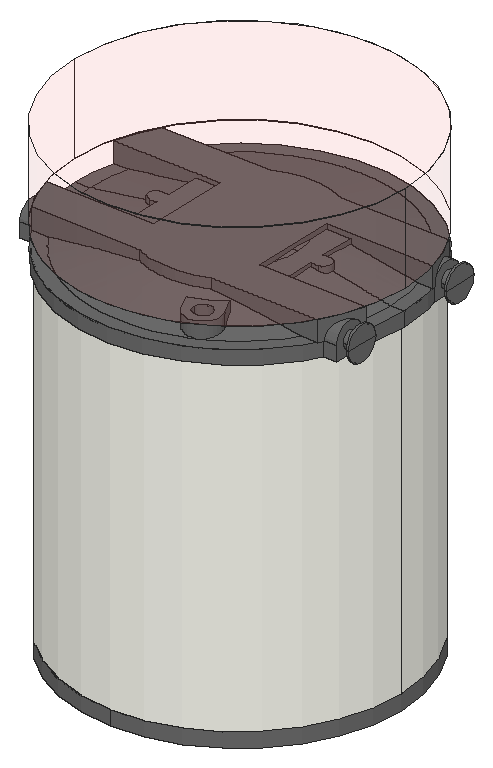
Revit family
Parameters (values of type "1190C2F")
  Watermarked By = "http://revitwatermark.com"
  Water_Ice Tank Volume = "1655 Gallons"
  Warning = "Ice tanks are a component in an ice storage system including chillers, pumps, and controls. Contact CALMAC for IceBank® selection support to make sure all system components will work together properly."
  URL = "http://www.calmac.com/"
  Total Cooling Capacity [instance] = 0.0 ton
  Tank Net Usable Capacity = "162 Ton-Hrs"
  Product Page URL = "http://www.calmac.com/products/icebank.asp"
  Is Tank 1 Front Right Connector Visible = not(CTRL Off)  # yes
  Is Tank 1 Front Left Connector Visible = not(CTRL On)  # no
  Is Tank 1 Back Right Connector Visible = not(CTRL Off)  # yes
  Is Tank 1 Back Left Connector Visible = not(CTRL On)  # no
  Surface Finish = Plastic- Calmac- Black
  Supply Coolant Temperature [instance] = -459.67 °F
  Storage Inlet Temperature [instance] = 60 °F
  Shipping Weight = 2000.00 lbf
  Return Coolant Temperature [instance] = -459.67 °F
  Requires Plate Heat Exchanger [instance] = no
  Project/Customer = ""
  Product Documentation Link = "http://www.calmac.com/products/documents/CS-54Model1190C2FAug2007.pdf"
  Pressure Drop [instance] = 0.00 psi
  Precool Hours [instance] = 0
  Pipe Material = Plastic- Calmac- Black
  Operating Weight = 16900.00 lbf
  Occupied Hours [instance] = 0
  Model = "1190C"
  Maximum Operating Temperature = "38°C"
  Maximum Operating Pressure = "620 kPa"
  Manufacturer e-mail = "info@Calmac.com"
  Manufacturer Contact Details = "CALMAC Manufacturing Corporation Headquarters, 3-00 Banta Place, Fair Lawn, NJ  07410, Tel: (201) 797-1511, Fax: (201) 797-1522"
  Manufacturer = "CALMAC Manufacturing Corp."  # constant formula
  Main Use [instance] = ""
  Location [instance] = ""
  Lid Type = Cooling_Plant_Accessories-Calmac-IceBank-Lid_C : Lid-C
  Lid Diameter = 89"  # constant formula
  Leg 4 = 45"  # constant formula
  Leg 1 = 46"  # constant formula
  Latent Cooling Capacity [instance] = 0.0 ton
  Inlet Outlet Center Height = 96 1/2"  # constant formula
  Heat Exchanger Volume = "157 Gallons"
  Has Rigging Bar [instance] = no
  Has Plate and Frame Heat Exchanger [instance] = no
  Has Ice Inventory Meter [instance] = no
  Has Heat Transfer Fluid [instance] = no
  Has Glycol Management System [instance] = no
  Floor Loading Weight = "363 lb/sq.ft."
  Factory Tested Pressure = "1724 kPa"
  Diversity Factor [instance] = 0
  Discharge Rate [instance] = 0
  Discharge Hours [instance] = 0
  Description = "Off-Peak Cooling System"
  Is Clearance Box Visible [instance] = yes
  Clearance Box Height = 24"  # constant formula
  City/State [instance] = ""
  CTRL On = yes
  CTRL Off = not(CTRL On)  # no
  CTRL Hydronic Supply Description = "Hydronic Supply"  # constant formula
  CTRL Hydronic Return Description = "Hydronic Return"  # constant formula
  CTRL Base Radius = 43 31/64"
  Body Material = Plastic- Calmac- Off_White
  Has Solid Base [instance] = yes
  Base Height = Inlet Outlet Center Height - 3 3/4"  # 92 3/4"
  Base Finish = Plastic- Calmac- Black
  Assembly Code = "D3030300"
  Actual Chilled Water Flow [instance] = 0 GPM
Reference planes (in)
  plane 1 "Center (Front/Back)": y = 0
  plane 2 "Bottom": z = 0
  plane 3 "Center (Left/Right)": x = 0
  plane 4 "T.O. Base": z = 92.75
  plane 5 "Inlet/Outlet Center (Elevation)": z = 96.5
  plane 6 "Right Connector Face": x = 46
  plane 7 "Left Connector Face": x = -45
  plane 8 "T.O. Lid": z = 102
  plane 9 "Top": z = 126
  plane 10 "Front Connector Center (F/B)": y = -16.5
  plane 11 "Back Connector Center (F/B)": y = 16.5
  plane 12 "Back": y = 44.5
  plane 13 "Front": y = -44.5
Dimensions and locks (in)
  locked: plane 5 "Inlet/Outlet Center (Elevation)" to plane 4 "T.O. Base" at 3.75
  "Inlet Outlet Center Height": plane 5 "Inlet/Outlet Center (Elevation)" to plane 2 "Bottom"
  "Leg 1": plane 3 "Center (Left/Right)" to plane 6 "Right Connector Face"
  "Leg 4": plane 7 "Left Connector Face" to plane 3 "Center (Left/Right)"
  locked: plane 8 "T.O. Lid" to plane 5 "Inlet/Outlet Center (Elevation)" at 5.5
  locked: plane 1 "Center (Front/Back)" to plane 11 "Back Connector Center (F/B)" at 16.5
  locked: plane 10 "Front Connector Center (F/B)" to plane 1 "Center (Front/Back)" at 16.5
  locked: plane 1 "Center (Front/Back)" to plane 12 "Back" at 44.5
  locked: plane 13 "Front" to plane 1 "Center (Front/Back)" at 44.5
  "Clearance Box Height": plane 9 "Top" to plane 8 "T.O. Lid"
  plane 7 "Left Connector Face" to plane 6 "Right Connector Face" = 91"
  plane 13 "Front" to plane 12 "Back" = 89"
  aligned and locked: plane 1 "Center (Front/Back)" to nested 1
  aligned and locked: plane 3 "Center (Left/Right)" to nested 1
  aligned and locked: plane 3 "Center (Left/Right)" to nested 2
  aligned and locked: plane 1 "Center (Front/Back)" to nested 2
  aligned and locked: plane 4 "T.O. Base" to nested 2
  aligned and locked: plane 2 "Bottom" to nested 1
Nested families (in)
  nested 1: "Cooling_Plant_Accessories-Calmac-IceBank-Base" at (0, 0, 0), type "Base"
    with Is Symbolic Line Visible no, Has Solid Base yes, CTRL Inner Wall Radius 42 39/64", CTRL Base Radius 43 31/64", Base Height 92 3/4"
  nested 2: "Cooling_Plant_Accessories-Calmac-IceBank-Lid_C" at (0, 0, 92.75), type <- "Lid Type", Is Front Right  Flanged Connector Visibility <- "Is Tank 1 Front Right Connector Visible", Is Front Left  Flanged Connector Visibility <- "Is Tank 1 Front Left Connector Visible", Is Clearance Box Visible <- "Is Clearance Box Visible", Is Back Right Flanged Connector Visibility <- "Is Tank 1 Back Right Connector Visible", Is Back Left  Flanged Connector Visibility <- "Is Tank 1 Back Left Connector Visible", Diameter <- "Lid Diameter", Clearance Box Height <- "Clearance Box Height", type "Lid-C"
    with Is Front Right  Flanged Connector Visibility yes, Is Front Left  Flanged Connector Visibility no, Is Clearance Box Visible yes, Is Back Right Flanged Connector Visibility yes, Is Back Left  Flanged Connector Visibility no, Diameter 89", Clearance Box Height 24", CTRL Radius 44 1/2"
Connectors (in)
  piping at (46.0007, -16.5, 96.5), driven by "CTRL Hydronic Return Description", driven by "Actual Chilled Water Flow"
    settings: on nested 2, index 2, connector radius 2", flow factor 0, pipe flow 0 GPM, pressure drop 0.00 psi, fitting loss kfactor 0, connector angle 0.00°, fixture units 0, flow configuration 0, flow direction 1, fitting loss method 0, system type 8, connector reference index -1, connector utility 0, adjustable connector no, is connector primary yes, fitting loss table "", connector description "Hydronic Return"
  piping at (46.0007, 16.5, 96.5), driven by "CTRL Hydronic Supply Description", driven by "Actual Chilled Water Flow"
    settings: on nested 2, index 3, connector radius 2", flow factor 0, pipe flow 0 GPM, pressure drop 0.00 psi, fitting loss kfactor 0, connector angle 0.00°, fixture units 0, flow configuration 0, flow direction 2, fitting loss method 0, system type 7, connector reference index -1, connector utility 0, adjustable connector no, is connector primary no, fitting loss table "", connector description "Hydronic Supply"
Definition of nested family "Cooling_Plant_Accessories-Calmac-IceBank-Base"
  Parameters (values of type "Base")
    Wall Thickness = 7/8"
    URL = "http://www.calmac.com/"
    Type Comments = ""
    Is Symbolic Line Visible = not(Has Solid Base)  # yes
    Has Solid Base = no
    Model = ""
    Manufacturer = "CALMAC Manufacturing Corp."  # constant formula
    CTRL Inner Wall Radius = CTRL Base Radius - Wall Thickness  # 36"
    CTRL Base Radius = 36 7/8"
    Body Material = Plastic- Calmac- Off_White
    Base Height = 43 5/16"
    Base Finish = Plastic- Calmac- Black
    Assembly Code = "D3030"
  Reference planes (in)
    plane 1 "Center (Front/Back)": y = 0
    plane 2 "Bottom": z = 0
    plane 3 "Center (Left/Right)": x = 0
    plane 4 "Back": y = 36.875
    plane 5 "Front": y = -36.875
    plane 6 "Right": x = 36.875
    plane 7 "Left": x = -36.875
    plane 8 "T.O. Base Plate": z = 4
    plane 9 "Right Edge of Right Void": x = 24.125
    plane 10 "Left Edge of Right Void": x = 13.125
    plane 11 "Left Edge of Left Void": x = -24.125
    plane 12 "Right Edge of Left Void": x = -13.125
    plane 13 "T.O. Base Void": z = 2
    plane 14 "T.O. Base": z = 43.3125
  Forms (in)
    Extrusion 1, solid, material "Plastic- Calmac- Black" <- "Base Finish", visible <- "Is Symbolic Line Visible", detail levels fine
      sketch origin (0, 0, 0) x (1, 0, 0) y (0, 1, 0)
        loop
          circle (0, 0) r 36.875
      from 0 to 4
    Extrusion 2, void
      sketch origin (0, 0, 0) x (1, 0, 0) y (0, 1, 0)
        loop
          line (-24.125, 36.875) -> (-24.125, -36.875) -> (-13.125, -36.875) -> (-13.125, 36.875) -> (-24.125, 36.875)
        loop
          line (13.125, 36.875) -> (13.125, -36.875) -> (24.125, -36.875) -> (24.125, 36.875) -> (13.125, 36.875)
      from 0 to 2
    Extrusion 3, solid, material "Plastic- Calmac- Off_White" <- "Body Material", detail levels fine
      sketch origin (0, 0, 0) x (1, 0, 0) y (0, 1, 0)
        loop
          circle (0, 0) r 36.875
        loop
          circle (0, 0) r 36
      from 4 to 43.3125
    Extrusion 4, solid, material "Plastic- Calmac- Black" <- "Base Finish", visible <- "Has Solid Base", detail levels fine
      sketch origin (0, 0, 43.3125) x (0, -1, 0) y (1, 0, 0)
        loop
          circle (0, 0) r 36.875
      from -43.3125 to -39.3125
  Cuts and joins
    Extrusion 2 cuts Extrusion 3
    Extrusion 2 cuts Extrusion 1
  Lines and regions (in)
    Masking region 1
      outline origin (0, 0, 0) x (1, 0, 0) y (0, 1, 0)
        loop
          circle (0, 0) r 36.875
    Masking region 2
      outline origin (0, 0, 0) x (1, 0, 0) y (0, 0, 1)
        loop
          line (-36.875, 0) -> (36.875, 0) -> (36.875, 43.3125) -> (-36.875, 43.3125) -> (-36.875, 0)
    Masking region 3
      outline origin (0, 0, 0) x (0, 1, 0) y (0, 0, 1)
        loop
          line (-36.875, 0) -> (36.875, 0) -> (36.875, 43.3125) -> (-36.875, 43.3125) -> (-36.875, 0)
    symbolic lines, style "Base", detail levels medium+fine
      curve 1: line (-36.875, 0, 4) -> (36.875, 0, 4)
      curve 8: line (0, -36.875, 4) -> (0, 36.875, 4)
    symbolic lines, style "Base", visible <- "Is Symbolic Line Visible", detail levels medium+fine
      curve 2: line (-24.125, 0, 0) -> (-24.125, 0, 2)
      curve 3: line (-24.125, 0, 2) -> (-13.125, 0, 2)
      curve 4: line (13.125, 0, 2) -> (24.125, 0, 2)
      curve 5: line (13.125, 0, 0) -> (13.125, 0, 2)
      curve 6: line (24.125, 0, 0) -> (24.125, 0, 2)
      curve 7: line (-13.125, 0, 0) -> (-13.125, 0, 2)
    model lines, style "Base", detail levels medium
      curve 9: circle (0, 0, 43.3125) r 36.875 normal (0, 0, 1)
      curve 10: circle (0, 0, 4) r 36.875 normal (0, 0, 1)
      curve 11: circle (0, 0, 0) r 36.875 normal (0, 0, 1)
      curve 12: line (36.875, 0, 0) -> (36.875, 0, 43.3125)
      curve 13: line (-36.875, 0, 0) -> (-36.875, 0, 43.3125)
      curve 14: line (0, -36.875, 0) -> (0, -36.875, 43.3125)
      curve 15: line (0, 36.875, 0) -> (0, 36.875, 43.3125)
    model lines, style "Base", detail levels coarse
      curve 16: line (0, 0, 0) -> (0, 0, 43.3125)
  Dimensions and locks (in)
    locked: plane 7 "Left" to plane 11 "Left Edge of Left Void" at 12.75
    locked: plane 7 "Left" to plane 12 "Right Edge of Left Void" at 23.75
    locked: plane 9 "Right Edge of Right Void" to plane 6 "Right" at 12.75
    locked: plane 10 "Left Edge of Right Void" to plane 6 "Right" at 23.75
    "CTRL Base Radius": plane 7 "Left" to plane 3 "Center (Left/Right)"
    "CTRL Base Radius": plane 3 "Center (Left/Right)" to plane 6 "Right"
    "CTRL Base Radius": plane 1 "Center (Front/Back)" to plane 4 "Back"
    "CTRL Base Radius": plane 5 "Front" to plane 1 "Center (Front/Back)"
    locked: plane 8 "T.O. Base Plate" to plane 2 "Bottom" at 4
    "Base Height": plane 14 "T.O. Base" to plane 2 "Bottom"
    locked: plane 13 "T.O. Base Void" to plane 2 "Bottom" at 2
    "CTRL Base Radius": radius of Extrusion 1 sketch curve
    "CTRL Base Radius": radius of Extrusion 3 sketch curve
    "CTRL Inner Wall Radius": radius of Extrusion 3 sketch curve
    "CTRL Base Radius": radius of Masking region 1 sketch curve
    "CTRL Base Radius": radius of curve 9
    "CTRL Base Radius": radius of curve 10
    "CTRL Base Radius": radius of curve 11
    "CTRL Base Radius": radius of Extrusion 4 sketch curve
    aligned and locked: plane 3 "Center (Left/Right)" to Extrusion 1 sketch curve
    aligned and locked: plane 1 "Center (Front/Back)" to Extrusion 1 sketch curve
    aligned and locked: Extrusion 1 to plane 2 "Bottom"
    aligned and locked: plane 8 "T.O. Base Plate" to Extrusion 1
    aligned and locked: plane 2 "Bottom" to Extrusion 1
    aligned and locked: Extrusion 2 sketch curve to plane 4 "Back"  (x2)
    aligned and locked: Extrusion 2 sketch curve to plane 12 "Right Edge of Left Void"
    aligned and locked: plane 11 "Left Edge of Left Void" to Extrusion 2 sketch curve
    aligned and locked: Extrusion 2 sketch curve to plane 5 "Front"  (x2)
    aligned and locked: Extrusion 2 sketch curve to plane 10 "Left Edge of Right Void"
    aligned and locked: Extrusion 2 sketch curve to plane 9 "Right Edge of Right Void"
    aligned and locked: plane 13 "T.O. Base Void" to Extrusion 2
    aligned and locked: Extrusion 2 to plane 2 "Bottom"
    aligned and locked: Extrusion 2 to plane 5 "Front"
    aligned and locked: plane 4 "Back" to Extrusion 2
    aligned and locked: Extrusion 2 to plane 13 "T.O. Base Void"  (x2)
    aligned and locked: plane 11 "Left Edge of Left Void" to Extrusion 2
    aligned and locked: plane 2 "Bottom" to Extrusion 2  (x2)
    aligned and locked: Extrusion 2 to plane 12 "Right Edge of Left Void"
    aligned and locked: plane 10 "Left Edge of Right Void" to Extrusion 2
    aligned and locked: Extrusion 2 to plane 9 "Right Edge of Right Void"
    aligned and locked: plane 3 "Center (Left/Right)" to Extrusion 3 sketch curve  (x2)
    aligned and locked: plane 1 "Center (Front/Back)" to Extrusion 3 sketch curve  (x2)
    aligned and locked: Extrusion 3 to plane 8 "T.O. Base Plate"
    aligned and locked: plane 14 "T.O. Base" to Extrusion 3
    aligned and locked: plane 3 "Center (Left/Right)" to Masking region 1 sketch curve
    aligned and locked: plane 1 "Center (Front/Back)" to Masking region 1 sketch curve
    aligned and locked: Masking region 2 sketch curve to plane 14 "T.O. Base"
    aligned and locked: plane 6 "Right" to Masking region 2 sketch curve
    aligned and locked: plane 2 "Bottom" to Masking region 2 sketch curve
    aligned and locked: Masking region 2 sketch curve to plane 7 "Left"
    aligned and locked: plane 7 "Left" to curve 1
    aligned and locked: plane 6 "Right" to curve 1
    aligned and locked: curve 1 to plane 8 "T.O. Base Plate"
    aligned and locked: plane 11 "Left Edge of Left Void" to curve 3
    aligned and locked: plane 12 "Right Edge of Left Void" to curve 3
    aligned and locked: curve 3 to plane 13 "T.O. Base Void"
    aligned and locked: plane 2 "Bottom" to curve 2
    aligned and locked: curve 2 to plane 11 "Left Edge of Left Void"
    aligned and locked: plane 10 "Left Edge of Right Void" to curve 4
    aligned and locked: plane 9 "Right Edge of Right Void" to curve 4
    aligned and locked: plane 13 "T.O. Base Void" to curve 5
    aligned and locked: plane 13 "T.O. Base Void" to curve 6
    aligned and locked: plane 2 "Bottom" to curve 5
    aligned and locked: curve 5 to plane 10 "Left Edge of Right Void"
    aligned and locked: curve 6 to plane 9 "Right Edge of Right Void"
    aligned and locked: plane 13 "T.O. Base Void" to curve 7
    aligned and locked: plane 2 "Bottom" to curve 7
    aligned and locked: curve 7 to plane 12 "Right Edge of Left Void"
    aligned and locked: plane 5 "Front" to Masking region 3 sketch curve
    aligned and locked: plane 14 "T.O. Base" to Masking region 3 sketch curve
    aligned and locked: Masking region 3 sketch curve to plane 4 "Back"
    aligned and locked: plane 2 "Bottom" to Masking region 3 sketch curve
    aligned and locked: plane 4 "Back" to curve 8
    aligned and locked: plane 5 "Front" to curve 8
    aligned and locked: curve 8 to plane 8 "T.O. Base Plate"
    aligned and locked: plane 3 "Center (Left/Right)" to curve 9
    aligned and locked: plane 1 "Center (Front/Back)" to curve 9
    aligned and locked: curve 9 to plane 14 "T.O. Base"
    aligned and locked: curve 10 to plane 8 "T.O. Base Plate"
    aligned and locked: plane 3 "Center (Left/Right)" to curve 10
    aligned and locked: plane 1 "Center (Front/Back)" to curve 10
    aligned: curve 11 to plane 2 "Bottom"
    aligned and locked: plane 3 "Center (Left/Right)" to curve 11
    aligned and locked: plane 1 "Center (Front/Back)" to curve 11
    aligned and locked: plane 14 "T.O. Base" to curve 12
    aligned and locked: plane 14 "T.O. Base" to curve 13
    aligned and locked: plane 2 "Bottom" to curve 12
    aligned and locked: plane 2 "Bottom" to curve 13
    aligned and locked: curve 12 to plane 6 "Right"
    aligned and locked: curve 13 to plane 7 "Left"
    aligned and locked: curve 12 to plane 1 "Center (Front/Back)"
    aligned and locked: curve 13 to plane 1 "Center (Front/Back)"
    aligned and locked: plane 14 "T.O. Base" to curve 14
    aligned and locked: plane 14 "T.O. Base" to curve 15
    aligned and locked: plane 2 "Bottom" to curve 14
    aligned and locked: plane 2 "Bottom" to curve 15
    aligned and locked: plane 4 "Back" to curve 15
    aligned and locked: plane 5 "Front" to curve 14
    aligned and locked: plane 3 "Center (Left/Right)" to curve 14
    aligned and locked: plane 3 "Center (Left/Right)" to curve 15
    aligned and locked: plane 14 "T.O. Base" to curve 16
    aligned and locked: plane 2 "Bottom" to curve 16
    aligned and locked: plane 3 "Center (Left/Right)" to curve 16
    aligned and locked: curve 16 to plane 1 "Center (Front/Back)"
    aligned and locked: plane 1 "Center (Front/Back)" to Extrusion 4 sketch curve
    aligned and locked: plane 3 "Center (Left/Right)" to Extrusion 4 sketch curve
    aligned and locked: plane 8 "T.O. Base Plate" to Extrusion 4
    aligned and locked: Extrusion 4 to plane 2 "Bottom"
  Automatic sketch dimensions
    curve 6 to level = 0"
Definition of nested family "Cooling_Plant_Accessories-Calmac-IceBank-Lid_C"
  Parameters (values of type "Lid-C")
    Surface Finish = Plastic- Calmac- Black
    Pipe Material = Plastic- Calmac- Black
    Is Front Right  Flanged Connector Visibility [instance] = yes
    Is Front Left  Flanged Connector Visibility [instance] = yes
    Diameter [instance] = 88 5/8"
    Is Clearance Box Visible [instance] = yes
    Clearance Box Height [instance] = 36"
    CTRL Radius [instance] = Diameter / 2  # 44 5/16"
    Is Back Right Flanged Connector Visibility [instance] = yes
    Is Back Left  Flanged Connector Visibility [instance] = yes
  Reference planes (in)
    plane 1 "Center (Front/Back)": y = 0
    plane 2 "Bottom": z = 0
    plane 3 "Center (Left/Right)": x = 0
    plane 4 "Back": y = 44.315
    plane 5 "Back Connector Back": y = 20.75
    plane 6 "Back Connector Center": y = 16.5
    plane 7 "Back Connector Front": y = 12.25
    plane 8 "Piping Back": y = 21.88647
    plane 9 "Rigging Back": y = 11.25
    plane 10 "Rigging Loop Back": y = 2
    plane 11 "Top Back Edge": y = 24
    plane 12 "Back Inset": y = 40.5
    plane 13 "Back Bolt Front": y = 41.313
    plane 14 "Front": y = -44.315
    plane 15 "Front Connection Front": y = -20.75
    plane 16 "Fron Connector Center": y = -16.5
    plane 17 "Front Connector Back": y = -12.25
    plane 18 "Piping Front": y = -21.88647
    plane 19 "Rigging Front": y = -11.25
    plane 20 "Rigging Loop Front": y = -2
    plane 21 "Top Front Edge": y = -24
    plane 22 "Front Inset": y = -40.5
    plane 23 "Pad Eye Back Right": y = -25.81593
    plane 24 "Pad Eye Back Left Offset": y = -29.90257
    plane 25 "Pad Eye Hole": y = -34.65277
    plane 26 "Pad Eye Back Left": y = -29.72849
    plane 27 "Pad Eye Front Center": y = -36.16371
    plane 28 "Left Connection": x = -44.04297
    plane 29 "Left": x = -44.31273
    plane 30 "Left Lip Inset": x = -40.49773
    plane 31 "Left Rigging Loop Left": x = -24.67173
    plane 32 "Left Rigging Loop Inset": x = -21.42181
    plane 33 "Left Rigging Loop Right": x = -20.67011
    plane 34 "Left Rigging Right": x = -14.19546
    plane 35 "Top Left": x = -9.54335
    plane 36 "Right Connection": x = 44.04297
    plane 37 "Right": x = 44.31273
    plane 38 "Lid Inset Right": x = 40.49773
    plane 39 "Right Rigging Loop Right": x = 24.67173
    plane 40 "Right Rigging Loop Inset": x = 21.42181
    plane 41 "Right Rigging Loop Left": x = 20.67011
    plane 42 "Right Rigging Left": x = 14.19546
    plane 43 "Top Right": x = 9.54335
    plane 44 "Connection Sleeve Left": x = -42.58273
    plane 45 "Connection Sleeve Right": x = 42.58273
    plane 46 "Right Center": x = 17.8202
    plane 47 "Bolt Inset Right": x = 1.00017
    plane 48 "Bolt Inset Left": x = -1.00017
    plane 49 "Bolt Inset Center": y = 42.31422
    plane 50 "Top Left Inset": x = -38.53052
    plane 51 "Top Right Inset": x = 38.53052
    plane 52 "Right Side Chanel": x = 42.86089
    plane 53 "Left Side Channel": x = -42.86089
    plane 54 "Top of Clearance Box": z = 45.25
    plane 55 "Top": z = 9.25
    plane 56 "Connector Channel Top": z = 8
    plane 57 "Center (Elevation)": z = 3.75
    plane 58 "Front Inset 2": y = -36.85443
    plane 59 "Flange Left": x = -46.0007
    plane 60 "Flange Right": x = 46.0007
  Forms (in)
    Revolve 1, solid, material "Plastic- Calmac- Black" <- "Surface Finish", detail levels fine
      sketch origin (0, 0, 0) x (1, 0, 0) y (0, 0, 1)
        loop
          line (0, 9) -> (0, 0) -> (44.31273, 0) -> (44.31273, 3.75) -> (40.49773, 3.75) -> (9.54335, 9) -> (0, 9)
        axis (0, 9) -> (0, 0)
      angle from 0 to 360
    Extrusion 2, solid, material "Plastic- Calmac- Black" <- "Surface Finish", detail levels fine
      sketch origin (0, 0, 0) x (1, 0, 0) y (0, 1, 0)
        loop
          arc (-38.53052, 21.88647) -> (-41.04173, 16.70911) -> (-42.86089, 11.25) r 44.31273
          line (-42.86089, 11.25) -> (-14.19546, 11.25) -> (-14.19546, -11.25) -> (-42.86089, -11.25)
          arc (-42.86089, -11.25) -> (-41.04173, -16.70911) -> (-38.53052, -21.88647) r 44.31273
          line (-38.53052, -21.88647) -> (-9.54335, -21.88647)
          arc (-9.54335, -21.88647) -> (0, -24) -> (9.54335, -21.88647) r 22.60261
          line (9.54335, -21.88647) -> (38.53052, -21.88647)
          arc (38.53052, -21.88647) -> (41.04173, -16.70911) -> (42.86089, -11.25) r 44.31273
          line (42.86089, -11.25) -> (14.19546, -11.25) -> (14.19546, 11.25) -> (42.86089, 11.25)
          arc (42.86089, 11.25) -> (41.04173, 16.70911) -> (38.53052, 21.88647) r 44.31273
          line (38.53052, 21.88647) -> (9.54335, 21.88647)
          arc (9.54335, 21.88647) -> (0, 24) -> (-9.54335, 21.88647) r 22.60261
          line (-9.54335, 21.88647) -> (-38.53052, 21.88647)
      from 3.75 to 9.25
    Extrusion 3, solid, material "Plastic- Calmac- Black" <- "Surface Finish", detail levels fine
      sketch origin (0, 0, 0) x (0, 1, 0) y (0, 0, 1)
        loop
          arc (20.75, 3.75) -> (16.5, 8) -> (12.25, 3.75) r 4.25
          line (12.25, 3.75) -> (12.25, 0) -> (20.75, 0) -> (20.75, 3.75)
        loop
          arc (-12.25, 3.75) -> (-16.5, 8) -> (-20.75, 3.75) r 4.25
          line (-20.75, 3.75) -> (-20.75, 0) -> (-12.25, 0) -> (-12.25, 3.75)
      from -42.58273 to 42.58273
    Extrusion 4, solid, material "Plastic- Calmac- Black" <- "Surface Finish", detail levels fine
      sketch origin (0, 0, 0) x (1, 0, 0) y (0, 1, 0)
        loop
          circle (15.75299, -32.19443) r 2.46875
        loop
          arc (17.70624, -25.58301) -> (13.67455, -27.9461) -> (9.33437, -29.67863) r 31.11
          line (9.33437, -29.67863) -> (11.56709, -34.24232)
          arc (11.56709, -34.24232) -> (17.80089, -36.38032) -> (19.93889, -30.14653) r 4.66
          line (19.93889, -30.14653) -> (17.70624, -25.58301)
      from 3.75 to 8
    Extrusion 5, solid, material "Plastic- Calmac- Black" <- "Surface Finish", detail levels fine
      sketch origin (0, 0, 0) x (1, 0, 0) y (0, 1, 0)
        loop
          line (-20.67011, 11.25) -> (-20.67011, 2) -> (-22.67173, 2)
          arc (-22.67173, 2) -> (-24.67173, 0) -> (-22.67173, -2) r 2
          line (-22.67173, -2) -> (-20.67011, -2) -> (-20.67011, -11.25) -> (-14.19546, -11.25) -> (-14.19546, 11.25) -> (-20.67011, 11.25)
        loop
          line (20.67011, 2) -> (20.67011, 11.25) -> (14.19546, 11.25) -> (14.19546, -11.25) -> (20.67011, -11.25) -> (20.67011, -2) -> (22.67548, -2)
          arc (22.67548, -2) -> (24.67548, 0) -> (22.67548, 2) r 2
          line (22.67548, 2) -> (20.67011, 2)
      from 3.75 to 8
  Cuts and joins
    joined: Revolve 1, Extrusion 2, Extrusion 4, Extrusion 5
  Lines and regions (in)
    Masking region 1
      outline origin (0, 0, 0) x (1, 0, 0) y (0, 0, 1)
        loop
          line (-44.31273, 9.25) -> (-44.31273, 0) -> (44.31273, 0) -> (44.31273, 9.25) -> (-44.31273, 9.25)
    Masking region 2
      outline origin (0, 0, 0) x (0, 1, 0) y (0, 0, 1)
        loop
          line (44.315, 3.75) -> (40.5, 3.75) -> (24, 6.54801) -> (24, 9.25) -> (-24, 9.25) -> (-24, 6.54801) -> (-25.58301, 6.26888) -> (-25.58301, 8) -> (-36.85443, 8) -> (-36.85443, 4.39281) -> (-40.5, 3.75) -> (-44.315, 3.75) -> (-44.315, 0) -> (44.315, 0) -> (44.315, 3.75)
    Masking region 3
      outline origin (0, 0, 3.75) x (-1, 0, 0) y (0, -1, 0)
        loop
          arc (-44.31273, 0) -> (-43.8781, -6.19116) -> (-42.58273, -12.26088) r 44.31273
          line (-42.58273, -12.26088) -> (-42.58273, -20.75) -> (-39.15426, -20.75)
          arc (-39.15426, -20.75) -> (0, -44.31273) -> (39.15426, -20.75) r 44.31273
          line (39.15426, -20.75) -> (42.58273, -20.75) -> (42.58273, -12.26088)
          arc (42.58273, -12.26088) -> (43.8781, -6.19116) -> (44.31273, 0) r 44.31273
          arc (44.31273, 0) -> (43.8781, 6.19116) -> (42.58273, 12.26088) r 44.31273
          line (42.58273, 12.26088) -> (42.58273, 20.75) -> (39.15426, 20.75)
          arc (39.15426, 20.75) -> (0, 44.31273) -> (-39.15426, 20.75) r 44.31273
          line (-39.15426, 20.75) -> (-42.58273, 20.75) -> (-42.58273, 12.26088)
          arc (-42.58273, 12.26088) -> (-43.8781, 6.19116) -> (-44.31273, 0) r 44.31273
    symbolic lines, detail levels fine
      curve 1: line (1.00017, 44.315, 3.75) -> (1.00017, 42.31422, 3.75)
      curve 2: line (-1.00017, 44.315, 3.75) -> (-1.00017, 42.31422, 3.75)
      curve 3: arc (-1.00017, 42.31422, 3.75) -> (0, 41.31405, 3.75) -> (1.00017, 42.31422, 3.75) r 1.00017
      curve 4: line (10.83611, 42.98137, 3.75) -> (10.39089, 41.03076, 3.75)
      curve 5: line (8.88592, 43.42649, 3.75) -> (8.44071, 41.47588, 3.75)
      curve 6: arc (8.44071, 41.47588, 3.75) -> (9.19324, 40.27822, 3.75) -> (10.39089, 41.03076, 3.75) r 1.00017
      curve 7: line (-8.88592, 43.42649, 3.75) -> (-8.44071, 41.47588, 3.75)
      curve 8: line (-10.83611, 42.98137, 3.75) -> (-10.39089, 41.03076, 3.75)
      curve 9: arc (-10.39089, 41.03076, 3.75) -> (-9.19324, 40.27822, 3.75) -> (-8.44071, 41.47588, 3.75) r 1.00017
      curve 10: line (-18.32644, 40.36039, 3.75) -> (-17.45833, 38.55775, 3.75)
      curve 11: line (-20.12868, 39.49248, 3.75) -> (-19.26058, 37.68984, 3.75)
      curve 12: arc (-19.26058, 37.68984, 3.75) -> (-17.9255, 37.22267, 3.75) -> (-17.45833, 38.55775, 3.75) r 1.00017
      curve 13: line (-26.84799, 35.27046, 3.75) -> (-25.60052, 33.70619, 3.75)
      curve 14: line (-28.41192, 34.02327, 3.75) -> (-27.16445, 32.45899, 3.75)
      curve 15: arc (-27.16445, 32.45899, 3.75) -> (-25.75889, 32.30063, 3.75) -> (-25.60052, 33.70619, 3.75) r 1.00017
      curve 16: line (-34.02327, 28.41192, 3.75) -> (-32.45899, 27.16445, 3.75)
      curve 17: line (-35.27046, 26.84799, 3.75) -> (-33.70619, 25.60052, 3.75)
      curve 18: arc (-33.70619, 25.60052, 3.75) -> (-32.30063, 25.75889, 3.75) -> (-32.45899, 27.16445, 3.75) r 1.00017
      curve 19: line (-42.98137, 10.83611, 3.75) -> (-41.03076, 10.39089, 3.75)
      curve 20: line (-43.42649, 8.88592, 3.75) -> (-41.47588, 8.44071, 3.75)
      curve 21: arc (-41.47588, 8.44071, 3.75) -> (-40.27822, 9.19324, 3.75) -> (-41.03076, 10.39089, 3.75) r 1.00017
      curve 22: line (-44.315, 1.00017, 3.75) -> (-42.31422, 1.00017, 3.75)
      curve 23: line (-44.315, -1.00017, 3.75) -> (-42.31422, -1.00017, 3.75)
      curve 24: arc (-42.31422, -1.00017, 3.75) -> (-41.31405, 0, 3.75) -> (-42.31422, 1.00017, 3.75) r 1.00017
      curve 25: line (-43.42649, -8.88592, 3.75) -> (-41.47588, -8.44071, 3.75)
      curve 26: line (-42.98137, -10.83611, 3.75) -> (-41.03076, -10.39089, 3.75)
      curve 27: arc (-41.03076, -10.39089, 3.75) -> (-40.27822, -9.19324, 3.75) -> (-41.47588, -8.44071, 3.75) r 1.00017
      curve 28: line (-35.27046, -26.84799, 3.75) -> (-33.70619, -25.60052, 3.75)
      curve 29: line (-34.02327, -28.41192, 3.75) -> (-32.45899, -27.16445, 3.75)
      curve 30: arc (-32.45899, -27.16445, 3.75) -> (-32.30063, -25.75889, 3.75) -> (-33.70619, -25.60052, 3.75) r 1.00017
      curve 31: line (-28.41192, -34.02327, 3.75) -> (-27.16445, -32.45899, 3.75)
      curve 32: line (-26.84799, -35.27046, 3.75) -> (-25.60052, -33.70619, 3.75)
      curve 33: arc (-25.60052, -33.70619, 3.75) -> (-25.75889, -32.30063, 3.75) -> (-27.16445, -32.45899, 3.75) r 1.00017
      curve 34: line (-20.12868, -39.49248, 3.75) -> (-19.26058, -37.68984, 3.75)
      curve 35: line (-18.32644, -40.36039, 3.75) -> (-17.45833, -38.55775, 3.75)
      curve 36: arc (-17.45833, -38.55775, 3.75) -> (-17.9255, -37.22267, 3.75) -> (-19.26058, -37.68984, 3.75) r 1.00017
      curve 37: line (-10.83611, -42.98137, 3.75) -> (-10.39089, -41.03076, 3.75)
      curve 38: line (-8.88592, -43.42649, 3.75) -> (-8.44071, -41.47588, 3.75)
      curve 39: arc (-8.44071, -41.47588, 3.75) -> (-9.19324, -40.27822, 3.75) -> (-10.39089, -41.03076, 3.75) r 1.00017
      curve 40: line (-1.00017, -44.315, 3.75) -> (-1.00017, -42.31422, 3.75)
      curve 41: line (1.00017, -44.315, 3.75) -> (1.00017, -42.31422, 3.75)
      curve 42: arc (1.00017, -42.31422, 3.75) -> (0, -41.31405, 3.75) -> (-1.00017, -42.31422, 3.75) r 1.00017
      curve 43: line (8.88592, -43.42649, 3.75) -> (8.44071, -41.47588, 3.75)
      curve 44: line (10.83611, -42.98137, 3.75) -> (10.39089, -41.03076, 3.75)
      curve 45: arc (10.39089, -41.03076, 3.75) -> (9.19324, -40.27822, 3.75) -> (8.44071, -41.47588, 3.75) r 1.00017
      curve 46: line (18.32644, -40.36039, 3.75) -> (17.45833, -38.55775, 3.75)
      curve 47: line (20.12868, -39.49248, 3.75) -> (19.26058, -37.68984, 3.75)
      curve 48: arc (19.26058, -37.68984, 3.75) -> (17.9255, -37.22267, 3.75) -> (17.45833, -38.55775, 3.75) r 1.00017
      curve 49: line (26.84799, -35.27046, 3.75) -> (25.60052, -33.70619, 3.75)
      curve 50: line (28.41192, -34.02327, 3.75) -> (27.16445, -32.45899, 3.75)
      curve 51: arc (27.16445, -32.45899, 3.75) -> (25.75889, -32.30063, 3.75) -> (25.60052, -33.70619, 3.75) r 1.00017
      curve 52: line (34.02327, -28.41192, 3.75) -> (32.45899, -27.16445, 3.75)
      curve 53: line (35.27046, -26.84799, 3.75) -> (33.70619, -25.60052, 3.75)
      curve 54: arc (33.70619, -25.60052, 3.75) -> (32.30063, -25.75889, 3.75) -> (32.45899, -27.16445, 3.75) r 1.00017
      curve 55: line (42.98137, -10.83611, 3.75) -> (41.03076, -10.39089, 3.75)
      curve 56: line (43.42649, -8.88592, 3.75) -> (41.47588, -8.44071, 3.75)
      curve 57: arc (41.47588, -8.44071, 3.75) -> (40.27822, -9.19324, 3.75) -> (41.03076, -10.39089, 3.75) r 1.00017
      curve 58: line (44.315, -1.00017, 3.75) -> (42.31422, -1.00017, 3.75)
      curve 59: line (44.315, 1.00017, 3.75) -> (42.31422, 1.00017, 3.75)
      curve 60: arc (42.31422, 1.00017, 3.75) -> (41.31405, 0, 3.75) -> (42.31422, -1.00017, 3.75) r 1.00017
      curve 61: line (43.42649, 8.88592, 3.75) -> (41.47588, 8.44071, 3.75)
      curve 62: line (42.98137, 10.83611, 3.75) -> (41.03076, 10.39089, 3.75)
      curve 63: arc (41.03076, 10.39089, 3.75) -> (40.27822, 9.19324, 3.75) -> (41.47588, 8.44071, 3.75) r 1.00017
      curve 64: line (35.27046, 26.84799, 3.75) -> (33.70619, 25.60052, 3.75)
      curve 65: line (34.02327, 28.41192, 3.75) -> (32.45899, 27.16445, 3.75)
      curve 66: arc (32.45899, 27.16445, 3.75) -> (32.30063, 25.75889, 3.75) -> (33.70619, 25.60052, 3.75) r 1.00017
      curve 67: line (28.41192, 34.02327, 3.75) -> (27.16445, 32.45899, 3.75)
      curve 68: line (26.84799, 35.27046, 3.75) -> (25.60052, 33.70619, 3.75)
      curve 69: arc (25.60052, 33.70619, 3.75) -> (25.75889, 32.30063, 3.75) -> (27.16445, 32.45899, 3.75) r 1.00017
      curve 70: line (20.12868, 39.49248, 3.75) -> (19.26058, 37.68984, 3.75)
      curve 71: line (18.32644, 40.36039, 3.75) -> (17.45833, 38.55775, 3.75)
      curve 72: arc (17.45833, 38.55775, 3.75) -> (17.9255, 37.22267, 3.75) -> (19.26058, 37.68984, 3.75) r 1.00017
    symbolic lines, style "Thermal Energy Storage", detail levels medium+fine
      curve 73: arc (0, 20.75, 3.75) -> (0, 16.5, 8) -> (0, 12.25, 3.75) r 4.25
      curve 74: line (0, 20.75, 0) -> (0, 20.75, 3.75)
      curve 75: line (0, 12.25, 3.75) -> (0, 12.25, 0)
      curve 77: line (0, 21.88647, 3.75) -> (0, 21.88647, 9.25)
      curve 78: line (0, 21.88647, 3.75) -> (0, 40.5, 3.75)
      curve 80: line (0, -11.25, 3.75) -> (0, -11.25, 9.25)
      curve 86: line (0, 11.25, 9.25) -> (0, 11.25, 3.75)
      curve 87: line (0, 11.25, 3.75) -> (0, -11.25, 3.75)
      curve 88: arc (0, -12.25, 3.75) -> (0, -16.5, 8) -> (0, -20.75, 3.75) r 4.25
      curve 89: line (0, -12.25, 0) -> (0, -12.25, 3.75)
      curve 90: line (0, -20.75, 3.75) -> (0, -20.75, 0)
      curve 95: line (0, -21.88647, 9.25) -> (0, -21.88647, 3.75)
      curve 96: line (0, -21.88647, 3.75) -> (0, -40.49773, 3.75)
      curve 98: line (-38.53052, 0, 3.75) -> (38.53052, 0, 3.75)
      curve 100: line (-38.53052, 0, 3.75) -> (-38.53052, 0, 9.25)
      curve 110: line (38.53052, 0, 3.75) -> (38.53052, 0, 9.25)
      curve 121: line (-9.54335, 21.88647, 3.75) -> (-38.53052, 21.88647, 3.75)
      curve 122: arc (-38.53052, 21.88647, 3.75) -> (-41.04173, 16.70911, 3.75) -> (-42.86089, 11.25, 3.75) r 44.31273
      curve 123: line (-42.86089, 11.25, 3.75) -> (-14.19546, 11.25, 3.75)
      curve 124: line (-14.19546, 11.25, 3.75) -> (-14.19546, -11.25, 3.75)
      curve 125: line (-14.19546, -11.25, 3.75) -> (-42.86089, -11.25, 3.75)
      curve 126: arc (-42.86089, -11.25, 3.75) -> (-41.04173, -16.70911, 3.75) -> (-38.53052, -21.88647, 3.75) r 44.31273
      curve 127: line (-38.53052, -21.88647, 3.75) -> (-9.54335, -21.88647, 3.75)
      curve 128: arc (-9.54335, -21.88647, 3.75) -> (0, -24, 3.75) -> (9.54335, -21.88647, 3.75) r 22.60261
      curve 129: line (9.54335, -21.88647, 3.75) -> (38.53052, -21.88647, 3.75)
      curve 130: arc (38.53052, -21.88647, 3.75) -> (41.04173, -16.70911, 3.75) -> (42.86089, -11.25, 3.75) r 44.31273
      curve 131: line (42.86089, -11.25, 3.75) -> (14.19546, -11.25, 3.75)
      curve 132: line (14.19546, -11.25, 3.75) -> (14.19546, 11.25, 3.75)
      curve 133: line (14.19546, 11.25, 3.75) -> (42.86089, 11.25, 3.75)
      curve 134: arc (42.86089, 11.25, 3.75) -> (41.04173, 16.70911, 3.75) -> (38.53052, 21.88647, 3.75) r 44.31273
      curve 135: line (38.53052, 21.88647, 3.75) -> (9.54335, 21.88647, 3.75)
      curve 136: arc (9.54335, 21.88647, 3.75) -> (0, 24, 3.75) -> (-9.54335, 21.88647, 3.75) r 22.60261
      curve 165: arc (-34.07417, -21.88647, 3.75) -> (0, -40.51236, 3.75) -> (34.07417, -21.88647, 3.75) r 40.48056
      curve 166: arc (-38.90378, -11.25, 3.75) -> (-40.49773, 0, 3.75) -> (-38.90378, 11.25, 3.75) r 40.49773
      curve 167: arc (-34.07417, 21.88647, 3.75) -> (0, 40.5, 3.75) -> (34.07417, 21.88647, 3.75) r 40.49507
      curve 168: arc (38.90378, 11.25, 3.75) -> (40.49773, 0, 3.75) -> (38.90378, -11.25, 3.75) r 40.49773
    symbolic lines, style "Thermal Energy Storage", detail levels fine
      curve 76: line (0, 24, 6.54801) -> (0, 21.87678, 6.54801)
      curve 79: arc (0, -2, 7.09716) -> (0, -6.62882, 6.93697) -> (0, -11.25, 6.62646) r 142.52273
      curve 81: line (0, -11.25, 8) -> (0, -2, 8)
      curve 82: line (0, -2, 8) -> (0, -2, 6.75604)
      curve 83: arc (0, 11.25, 6.62646) -> (0, 6.62882, 6.93697) -> (0, 2, 7.09716) r 142.52273
      curve 84: line (0, 2, 6.75593) -> (0, 2, 8)
      curve 85: line (0, 2, 8) -> (0, 11.25, 8)
      curve 91: line (0, -36.85495, 4.39272) -> (0, -25.60206, 6.37691)
      curve 92: line (0, -24, 6.54801) -> (0, -21.9107, 6.54801)
      curve 93: spline (0, -1.99864, 6.75604) -> (0, -1.98159, 6.71429) -> (0, -1.93074, 6.67324) -> (0, -1.84694, 6.63358) -> (0, -1.73161, 6.59599) -> (0, -1.58672, 6.56109) -> (0, -1.4147, 6.52948) -> (0, -1.21849, 6.50169) -> (0, -1.0014, 6.4782) -> (0, -0.7671, 6.45941) -> (0, -0.51958, 6.44563) -> (0, -0.26302, 6.43709) -> (0, -0.00177, 6.43395)
      curve 94: spline (0, -0.00177, 6.43395) -> (0, 0.25981, 6.43472) -> (0, 0.51674, 6.44125) -> (0, 0.76466, 6.45344) -> (0, 0.99936, 6.47108) -> (0, 1.21686, 6.49387) -> (0, 1.41346, 6.52142) -> (0, 1.58583, 6.55326) -> (0, 1.73103, 6.58885) -> (0, 1.84661, 6.62759) -> (0, 1.93059, 6.66882) -> (0, 1.98156, 6.71185) -> (0, 1.99865, 6.75593)
      curve 97: line (-42.58273, 0, 8) -> (-42.58273, 0, 0)
      curve 99: spline (9.33437, 0, 6.56806) -> (7.83355, 0, 6.56193) -> (6.29236, 0, 6.55689) -> (4.71875, 0, 6.55296) -> (3.12081, 0, 6.55016) -> (1.50679, 0, 6.54851) -> (-0.115, 0, 6.54801) -> (-1.73619, 0, 6.54867) -> (-3.34844, 0, 6.55049) -> (-4.94343, 0, 6.55345) -> (-6.51294, 0, 6.55754) -> (-8.04888, 0, 6.56273) -> (-9.54335, 0, 6.56901)
      curve 101: line (9.33437, 0, 5.34188) -> (9.33437, 0, 8)
      curve 102: line (20.41299, 0, 8) -> (9.33437, 0, 8)
      curve 103: line (9.54335, 0, 8) -> (9.54335, 0, 9)
      curve 104: line (20.41299, 0, 8) -> (20.41299, 0, 4.17536)
      curve 105: line (9.33437, 0, 5.34188) -> (11.56709, 0, 4.48854)
      curve 106: arc (11.56709, 0, 4.48854) -> (14.16986, 0, 3.94334) -> (16.82208, 0, 3.75) r 19.90238
      curve 107: arc (20.41299, 0, 4.17536) -> (20.37233, 0, 4.0464) -> (20.26505, 0, 3.96408) r 0.22484
      curve 108: line (18.16352, 0, 3.75) -> (20.26505, 0, 3.96408)
      curve 109: line (20.41299, 0, 5.54906) -> (33.00047, 0, 3.75)
      curve 111: line (42.58273, 0, 0) -> (42.58273, 0, 8)
      curve 112: arc (41.33273, 0, 8) -> (39.81665, 0, 7.15086) -> (39.24367, 0, 5.51036) r 2.45264
      curve 113: line (39.24367, 0, 5.51036) -> (39.08966, 0, 3.75)
      curve 114: line (41.33273, 0, 8) -> (42.58273, 0, 8)
      curve 115: line (-9.54335, 0, 6.56901) -> (-34.07417, 0, 3.75)
      curve 116: line (39.08966, 0, 3.75) -> (39.08966, 0, 0)
      curve 117: arc (-41.33273, 0, 8) -> (-39.81665, 0, 7.15086) -> (-39.24367, 0, 5.51036) r 2.45264
      curve 118: line (-39.24367, 0, 5.51036) -> (-39.08966, 0, 3.75)
      curve 119: line (-39.08966, 0, 3.75) -> (-39.08966, 0, 0)
      curve 120: line (-42.58273, 0, 8) -> (-41.33273, 0, 8)
      curve 137: line (20.67011, 2, 3.75) -> (20.67011, 11.25, 3.75)
      curve 138: line (20.67011, 11.25, 3.75) -> (14.19546, 11.25, 3.75)
      curve 139: line (14.19546, 11.25, 3.75) -> (14.19546, 6.07162, 3.75)
      curve 140: arc (14.19546, 6.07162, 3.75) -> (15.12523, 3.09887, 3.75) -> (15.43942, 0, 3.75) r 15.43942
      curve 141: arc (15.43942, 0, 3.75) -> (15.12523, -3.09887, 3.75) -> (14.19546, -6.07162, 3.75) r 15.43942
      curve 142: line (14.19546, -6.07162, 3.75) -> (14.19546, -11.25, 3.75)
      curve 143: line (14.19546, -11.25, 3.75) -> (20.67011, -11.25, 3.75)
      curve 144: line (20.67011, -11.25, 3.75) -> (20.67011, -2, 3.75)
      curve 145: line (20.67011, -2, 3.75) -> (22.67548, -2, 3.75)
      curve 146: arc (22.67548, -2, 3.75) -> (24.67548, 0, 3.75) -> (22.67548, 2, 3.75) r 2
      curve 147: line (22.67548, 2, 3.75) -> (20.67011, 2, 3.75)
      curve 148: line (-20.67011, 11.25, 3.75) -> (-20.67011, 2, 3.75)
      curve 149: line (-20.67011, 2, 3.75) -> (-22.67173, 2, 3.75)
      curve 150: arc (-22.67173, 2, 3.75) -> (-24.67173, 0, 3.75) -> (-22.67173, -2, 3.75) r 2
      curve 151: line (-22.67173, -2, 3.75) -> (-20.67011, -2, 3.75)
      curve 152: line (-20.67011, -2, 3.75) -> (-20.67011, -11.25, 3.75)
      curve 153: line (-20.67011, -11.25, 3.75) -> (-14.19546, -11.25, 3.75)
      curve 154: line (-14.19546, -11.25, 3.75) -> (-14.19546, -6.07162, 3.75)
      curve 155: arc (-14.19546, -6.07162, 3.75) -> (-15.12523, -3.09887, 3.75) -> (-15.43942, 0, 3.75) r 15.43942
      curve 156: arc (-15.43942, 0, 3.75) -> (-15.12523, 3.09887, 3.75) -> (-14.19546, 6.07162, 3.75) r 15.43942
      curve 157: line (-14.19546, 6.07162, 3.75) -> (-14.19546, 11.25, 3.75)
      curve 158: line (-14.19546, 11.25, 3.75) -> (-20.67011, 11.25, 3.75)
      curve 159: arc (17.70624, -25.58301, 3.75) -> (13.67455, -27.9461, 3.75) -> (9.33437, -29.67863, 3.75) r 31.11
      curve 160: line (9.33437, -29.67863, 3.75) -> (11.56709, -34.24232, 3.75)
      curve 161: arc (11.56709, -34.24232, 3.75) -> (17.80089, -36.38032, 3.75) -> (19.93889, -30.14653, 3.75) r 4.66
      curve 162: line (19.93889, -30.14653, 3.75) -> (17.70624, -25.58301, 3.75)
      curve 163: arc (13.28424, -32.19443, 3.75) -> (15.75299, -29.72568, 3.75) -> (18.22174, -32.19443, 3.75) r 2.46875
      curve 164: arc (18.22174, -32.19443, 3.75) -> (15.75299, -34.66318, 3.75) -> (13.28424, -32.19443, 3.75) r 2.46875
    model lines, style "Thermal Energy Storage", detail levels medium
      curve 169: arc (44.31273, 0, 0) -> (0, 44.31273, 0) -> (-44.31273, 0, 0) r 44.31273
      curve 170: arc (-44.31273, 0, 0) -> (0, -44.31273, 0) -> (44.31273, 0, 0) r 44.31273
      curve 171: arc (44.31273, 0, 3.75) -> (0, 44.31273, 3.75) -> (-44.31273, 0, 3.75) r 44.31273
      curve 172: arc (-44.31273, 0, 3.75) -> (0, -44.31273, 3.75) -> (44.31273, 0, 3.75) r 44.31273
      curve 173: arc (-34.07417, 21.88647, 3.75) -> (0, 40.49773, 3.75) -> (34.07417, 21.88647, 3.75) r 40.49773
      curve 174: arc (34.07417, -21.88647, 3.75) -> (0, -40.49773, 3.75) -> (-34.07417, -21.88647, 3.75) r 40.49773
      curve 175: arc (-38.90378, -11.25, 3.75) -> (-40.09726, -5.68118, 3.75) -> (-40.49773, 0, 3.75) r 40.49773
      curve 176: arc (-40.49773, 0, 3.75) -> (-40.09726, 5.68118, 3.75) -> (-38.90378, 11.25, 3.75) r 40.49773
      curve 177: arc (40.49773, 0, 3.75) -> (40.09726, -5.68118, 3.75) -> (38.90378, -11.25, 3.75) r 40.49773
      curve 178: arc (38.90378, 11.25, 3.75) -> (40.09726, 5.68118, 3.75) -> (40.49773, 0, 3.75) r 40.49773
      curve 179: line (38.53052, 21.88647, 3.75) -> (8.66096, 21.88647, 3.75)
      curve 180: arc (9.54335, 21.88647, 3.75) -> (0, 24, 3.75) -> (-9.54335, 21.88647, 3.75) r 22.60261
      curve 181: line (-9.54335, 21.88647, 3.75) -> (-38.53052, 21.88647, 3.75)
      curve 182: line (-42.86089, 11.25, 3.75) -> (-14.19546, 11.25, 3.75)
      curve 183: line (-14.19546, 11.25, 3.75) -> (-14.19546, -11.25, 3.75)
      curve 184: line (-14.19546, -11.25, 3.75) -> (-42.86089, -11.25, 3.75)
      curve 185: line (-38.53052, -21.88647, 3.75) -> (-9.54335, -21.88647, 3.75)
      curve 186: arc (-9.54335, -21.88647, 3.75) -> (0, -24, 3.75) -> (9.54335, -21.88647, 3.75) r 22.60261
      curve 187: line (9.54335, -21.88647, 3.75) -> (38.53052, -21.88647, 3.75)
      curve 188: line (42.86089, -11.25, 3.75) -> (14.19546, -11.25, 3.75)
      curve 189: line (14.19546, -11.25, 3.75) -> (14.19546, 11.25, 3.75)
      curve 190: line (14.19546, 11.25, 3.75) -> (42.86089, 11.25, 3.75)
      curve 191: line (-42.86089, 11.25, 9.25) -> (-42.86089, 11.25, 3.75)
      curve 192: line (-42.86089, -11.25, 3.75) -> (-42.86089, -11.25, 9.25)
      curve 193: line (42.86089, 11.25, 3.75) -> (42.86089, 11.25, 9.25)
      curve 194: line (42.86089, -11.25, 9.25) -> (42.86089, -11.25, 3.75)
      curve 195: line (-38.53052, 21.88647, 3.75) -> (-38.53052, 21.88647, 9.25)
      curve 196: line (-38.53052, -21.88647, 9.03655) -> (-38.53052, -21.88647, 3.75)
      curve 197: line (38.53052, 21.88647, 9.25) -> (38.53052, 21.88647, 3.89855)
      curve 198: line (38.53052, -21.88647, 3.75) -> (38.53052, -21.88647, 9.25)
    model lines, style "Thermal Energy Storage", detail levels coarse
      curve 199: line (-44.31273, 0, 9.25) -> (44.31273, 0, 9.25)
      curve 200: line (0, -44.31273, 9.25) -> (0, 44.31273, 9.25)
      curve 201: line (0, 0, 9.25) -> (0, 0, 0)
      curve 202: line (9.54335, -21.88647, 9.25) -> (38.53052, -21.88647, 9.25)
      curve 203: arc (-9.54335, -21.88647, 9.25) -> (0, -24, 9.25) -> (9.54335, -21.88647, 9.25) r 22.60261
      curve 204: line (-38.53052, -21.88647, 9.25) -> (-9.54335, -21.88647, 9.25)
      curve 205: line (-14.19546, -11.25, 9.25) -> (-42.86089, -11.25, 9.25)
      curve 206: line (-14.19546, 11.25, 9.25) -> (-14.19546, -11.25, 9.25)
      curve 207: line (-42.86089, 11.25, 9.25) -> (-14.19546, 11.25, 9.25)
      curve 208: line (-9.54335, 21.88647, 9.25) -> (-38.53052, 21.88647, 9.25)
      curve 209: arc (9.54335, 21.88647, 9.25) -> (0, 24, 9.25) -> (-9.54335, 21.88647, 9.25) r 22.60261
      curve 210: line (38.53052, 21.88647, 9.25) -> (8.66096, 21.88647, 9.25)
      curve 211: line (14.19546, 11.25, 9.25) -> (42.86089, 11.25, 9.25)
      curve 212: line (14.19546, -11.25, 9.25) -> (14.19546, 11.25, 9.25)
      curve 213: line (42.86089, -11.25, 9.25) -> (14.19546, -11.25, 9.25)
      curve 214: arc (-42.86089, -11.25, 9.25) -> (-41.04173, -16.70911, 9.25) -> (-38.53052, -21.88647, 9.25) r 44.31273
      curve 215: arc (42.86089, 11.25, 9.25) -> (41.04173, 16.70911, 9.25) -> (38.53052, 21.88647, 9.25) r 44.31273
      curve 216: arc (-38.53052, 21.88647, 9.25) -> (-41.04173, 16.70911, 9.25) -> (-42.86089, 11.25, 9.25) r 44.31273
      curve 217: arc (38.53052, -21.88647, 9.25) -> (41.04173, -16.70911, 9.25) -> (42.86089, -11.25, 9.25) r 44.31273
  Dimensions and locks (in)
    equal spacing: plane 5 "Back Connector Back", plane 6 "Back Connector Center", plane 7 "Back Connector Front"
    locked: plane 5 "Back Connector Back" to plane 7 "Back Connector Front" at 8.5
    equal spacing: plane 15 "Front Connection Front", plane 16 "Fron Connector Center", plane 17 "Front Connector Back"
    locked: plane 15 "Front Connection Front" to plane 17 "Front Connector Back" at 8.5
    locked: Extrusion 4 sketch curve to plane 46 "Right Center" at 2.06721
    locked: Extrusion 4 sketch curve to plane 25 "Pad Eye Hole" at 2.45834
    locked: Extrusion 4 sketch curve to plane 46 "Right Center" at 0.11395
    locked: Extrusion 4 sketch curve to plane 23 "Pad Eye Back Right" at 0.23292
    locked: Extrusion 4 sketch curve to plane 43 "Top Right" at 0.20898
    locked: Extrusion 4 sketch curve to plane 26 "Pad Eye Back Left" at 0.04987
    locked: Extrusion 4 sketch curve to plane 25 "Pad Eye Hole" at 0.41045
    locked: Extrusion 4 sketch curve to plane 42 "Right Rigging Left" at 2.62837
    locked: Extrusion 4 sketch curve to plane 41 "Right Rigging Loop Left" at 0.73123
    locked: plane 24 "Pad Eye Back Left Offset" to Extrusion 4 sketch curve at 0.24397
    locked: Extrusion 5 sketch curve to plane 32 "Left Rigging Loop Inset" at 1.24992
    locked: Extrusion 5 sketch curve to plane 33 "Left Rigging Loop Right" at 2.00161
    locked: plane 40 "Right Rigging Loop Inset" to Extrusion 5 sketch curve at 1.25367  (x2)
    locked: plane 29 "Left" to plane 28 "Left Connection" at 0.26977
    locked: plane 29 "Left" to plane 44 "Connection Sleeve Left" at 1.73
    locked: plane 29 "Left" to plane 30 "Left Lip Inset" at 3.815
    locked: plane 36 "Right Connection" to plane 37 "Right" at 0.26977
    locked: plane 45 "Connection Sleeve Right" to plane 37 "Right" at 1.73
    locked: plane 38 "Lid Inset Right" to plane 37 "Right" at 3.815
    locked: plane 29 "Left" to plane 37 "Right" at 88.62547
    locked: plane 14 "Front" to plane 4 "Back" at 88.63
    locked: plane 3 "Center (Left/Right)" to plane 47 "Bolt Inset Right" at 1.00017
    locked: plane 48 "Bolt Inset Left" to plane 3 "Center (Left/Right)" at 1.00017
    locked: plane 3 "Center (Left/Right)" to plane 43 "Top Right" at 9.54335
    locked: plane 35 "Top Left" to plane 3 "Center (Left/Right)" at 9.54335
    locked: plane 34 "Left Rigging Right" to plane 48 "Bolt Inset Left" at 13.19529
    locked: plane 3 "Center (Left/Right)" to plane 42 "Right Rigging Left" at 14.19546
    locked: plane 33 "Left Rigging Loop Right" to plane 3 "Center (Left/Right)" at 20.67011
    locked: plane 3 "Center (Left/Right)" to plane 46 "Right Center" at 17.8202
    locked: plane 46 "Right Center" to plane 41 "Right Rigging Loop Left" at 2.84992
    locked: plane 46 "Right Center" to plane 40 "Right Rigging Loop Inset" at 3.60161
    locked: plane 46 "Right Center" to plane 39 "Right Rigging Loop Right" at 6.85153
    locked: plane 32 "Left Rigging Loop Inset" to plane 33 "Left Rigging Loop Right" at 0.7517
    locked: plane 31 "Left Rigging Loop Left" to plane 33 "Left Rigging Loop Right" at 4.00161
    locked: plane 49 "Bolt Inset Center" to plane 4 "Back" at 2.00078
    locked: plane 13 "Back Bolt Front" to plane 4 "Back" at 3.002
    locked: plane 12 "Back Inset" to plane 4 "Back" at 3.815
    locked: plane 22 "Front Inset" to plane 14 "Front" at 3.815
    locked: plane 27 "Pad Eye Front Center" to plane 14 "Front" at 8.15129
    locked: plane 25 "Pad Eye Hole" to plane 14 "Front" at 9.66223
    locked: plane 26 "Pad Eye Back Left" to plane 14 "Front" at 14.58651
    locked: plane 26 "Pad Eye Back Left" to plane 24 "Pad Eye Back Left Offset" at 0.17407
    locked: plane 23 "Pad Eye Back Right" to plane 14 "Front" at 18.49907
    locked: plane 1 "Center (Front/Back)" to plane 21 "Top Front Edge" at 24
    locked: plane 18 "Piping Front" to plane 1 "Center (Front/Back)" at 21.88647
    locked: plane 16 "Fron Connector Center" to plane 1 "Center (Front/Back)" at 16.5
    locked: plane 19 "Rigging Front" to plane 1 "Center (Front/Back)" at 11.25
    locked: plane 20 "Rigging Loop Front" to plane 1 "Center (Front/Back)" at 2
    locked: plane 1 "Center (Front/Back)" to plane 10 "Rigging Loop Back" at 2
    locked: plane 1 "Center (Front/Back)" to plane 9 "Rigging Back" at 11.25
    locked: plane 1 "Center (Front/Back)" to plane 6 "Back Connector Center" at 16.5
    locked: plane 1 "Center (Front/Back)" to plane 8 "Piping Back" at 21.88647
    locked: plane 1 "Center (Front/Back)" to plane 11 "Top Back Edge" at 24
    locked: Masking region 2 sketch curve to plane 23 "Pad Eye Back Right" at 0.23292
    locked: plane 29 "Left" to plane 50 "Top Left Inset" at 5.78222
    locked: plane 51 "Top Right Inset" to plane 37 "Right" at 5.78222
    locked: plane 52 "Right Side Chanel" to plane 37 "Right" at 1.45184
    locked: plane 29 "Left" to plane 53 "Left Side Channel" at 1.45184
    plane 2 "Bottom" to plane 55 "Top" = 9 1/4"
    curve 103 to plane 56 "Connector Channel Top" to curve 98 = 1", 4 1/4"
    locked: plane 2 "Bottom" to plane 57 "Center (Elevation)" at 3.75
    locked: plane 2 "Bottom" to plane 56 "Connector Channel Top" at 8
    locked: plane 57 "Center (Elevation)" to plane 2 "Bottom" at 3.75
    locked: plane 56 "Connector Channel Top" to plane 2 "Bottom" at 8
    "Clearance Box Height": plane 54 "Top of Clearance Box" to plane 55 "Top"
    locked: plane 55 "Top" to plane 2 "Bottom" at 9.25
    plane 59 "Flange Left" to plane 29 "Left" = 1.68797"
    locked: plane 37 "Right" to plane 60 "Flange Right" at 1.68797
    radius of Extrusion 4 sketch curve = 2 15/32"
    radius of Extrusion 4 sketch curve = 31.11"
    radius of Extrusion 4 sketch curve = 4.66"
    aligned and locked: plane 37 "Right" to Revolve 1 sketch curve
    aligned and locked: Revolve 1 sketch curve to plane 3 "Center (Left/Right)"  (x2)
    aligned and locked: plane 38 "Lid Inset Right" to Revolve 1 sketch curve
    aligned and locked: plane 43 "Top Right" to Revolve 1 sketch curve
    aligned and locked: Revolve 1 sketch curve to plane 2 "Bottom"
    aligned and locked: plane 2 "Bottom" to Revolve 1 sketch curve
    aligned and locked: Extrusion 2 sketch curve to plane 8 "Piping Back"  (x2)
    aligned and locked: Extrusion 2 sketch curve to plane 9 "Rigging Back"
    aligned and locked: plane 19 "Rigging Front" to Extrusion 2 sketch curve  (x2)
    aligned and locked: plane 18 "Piping Front" to Extrusion 2 sketch curve  (x2)
    aligned and locked: plane 1 "Center (Front/Back)" to Extrusion 2 sketch curve
    aligned and locked: plane 3 "Center (Left/Right)" to Extrusion 2 sketch curve  (x2)
    aligned and locked: Extrusion 2 sketch curve to plane 34 "Left Rigging Right"
    aligned and locked: plane 42 "Right Rigging Left" to Extrusion 2 sketch curve
    aligned and locked: plane 35 "Top Left" to Extrusion 2 sketch curve
    aligned and locked: plane 43 "Top Right" to Extrusion 2 sketch curve
    aligned and locked: plane 5 "Back Connector Back" to Extrusion 3 sketch curve
    aligned and locked: plane 17 "Front Connector Back" to Extrusion 3 sketch curve
    aligned and locked: plane 15 "Front Connection Front" to Extrusion 3 sketch curve
    aligned and locked: Extrusion 3 sketch curve to plane 17 "Front Connector Back"
    aligned and locked: Extrusion 3 sketch curve to plane 15 "Front Connection Front"
    aligned and locked: plane 2 "Bottom" to Extrusion 3 sketch curve  (x2)
    aligned and locked: Extrusion 3 to plane 45 "Connection Sleeve Right"
    aligned and locked: Extrusion 3 to plane 44 "Connection Sleeve Left"
    aligned and locked: Extrusion 5 sketch curve to plane 33 "Left Rigging Loop Right"  (x2)
    aligned and locked: Extrusion 5 sketch curve to plane 34 "Left Rigging Right"
    aligned and locked: Extrusion 5 sketch curve to plane 9 "Rigging Back"
    aligned and locked: plane 19 "Rigging Front" to Extrusion 5 sketch curve  (x2)
    aligned and locked: Extrusion 5 sketch curve to plane 10 "Rigging Loop Back"  (x2)
    aligned and locked: plane 20 "Rigging Loop Front" to Extrusion 5 sketch curve  (x2)
    aligned and locked: plane 42 "Right Rigging Left" to Extrusion 5 sketch curve
    aligned and locked: plane 41 "Right Rigging Loop Left" to Extrusion 5 sketch curve  (x2)
    aligned and locked: Masking region 1 sketch curve to plane 2 "Bottom"
    aligned and locked: Masking region 1 sketch curve to plane 29 "Left"
    aligned and locked: plane 37 "Right" to Masking region 1 sketch curve
    aligned and locked: plane 4 "Back" to Masking region 2 sketch curve
    aligned and locked: plane 2 "Bottom" to Masking region 2 sketch curve
    aligned and locked: Masking region 2 sketch curve to plane 14 "Front"
    aligned and locked: plane 11 "Top Back Edge" to Masking region 2 sketch curve  (x2)
    aligned and locked: Masking region 2 sketch curve to plane 21 "Top Front Edge"
    aligned and locked: plane 12 "Back Inset" to Masking region 2 sketch curve
    aligned and locked: plane 21 "Top Front Edge" to Masking region 2 sketch curve
    aligned and locked: Masking region 2 sketch curve to Masking region 2 sketch curve
    aligned and locked: plane 22 "Front Inset" to Masking region 2 sketch curve
    aligned and locked: curve 73 to Extrusion 3
    aligned and locked: plane 8 "Piping Back" to cut or joined group of Revolve 1, Extrusion 2, Extrusion 4, Extrusion 5
    aligned and locked: curve 79 to cut or joined group of Revolve 1, Extrusion 2, Extrusion 4, Extrusion 5
    aligned and locked: curve 83 to cut or joined group of Revolve 1, Extrusion 2, Extrusion 4, Extrusion 5
    aligned and locked: cut or joined group of Revolve 1, Extrusion 2, Extrusion 4, Extrusion 5 to curve 87
    aligned and locked: curve 88 to Extrusion 3
    aligned and locked: curve 89 to Extrusion 3
    aligned and locked: curve 91 to Masking region 2
    aligned and locked: cut or joined group of Revolve 1, Extrusion 2, Extrusion 4, Extrusion 5 to curve 96
    aligned and locked: curve 97 to Extrusion 3
    aligned and locked: curve 98 to cut or joined group of Revolve 1, Extrusion 2, Extrusion 4, Extrusion 5
    aligned and locked: cut or joined group of Revolve 1, Extrusion 2, Extrusion 4, Extrusion 5 to curve 100
    aligned and locked: curve 101 to cut or joined group of Revolve 1, Extrusion 2, Extrusion 4, Extrusion 5
    aligned and locked: curve 102 to cut or joined group of Revolve 1, Extrusion 2, Extrusion 4, Extrusion 5
    aligned and locked: cut or joined group of Revolve 1, Extrusion 2, Extrusion 4, Extrusion 5 to curve 103
    aligned and locked: cut or joined group of Revolve 1, Extrusion 2, Extrusion 4, Extrusion 5 to curve 110
    aligned and locked: curve 111 to Extrusion 3
    aligned and locked: curve 115 to cut or joined group of Revolve 1, Extrusion 2, Extrusion 4, Extrusion 5
    aligned and locked: plane 2 "Bottom" to curve 116
    aligned and locked: Masking region 3 sketch curve to cut or joined group of Revolve 1, Extrusion 2, Extrusion 4, Extrusion 5  (x2)
    aligned and locked: curve 121 to cut or joined group of Revolve 1, Extrusion 2, Extrusion 4, Extrusion 5
    aligned and locked: curve 122 to cut or joined group of Revolve 1, Extrusion 2, Extrusion 4, Extrusion 5
    aligned and locked: curve 123 to cut or joined group of Revolve 1, Extrusion 2, Extrusion 4, Extrusion 5
    aligned and locked: curve 124 to cut or joined group of Revolve 1, Extrusion 2, Extrusion 4, Extrusion 5
    aligned and locked: curve 125 to cut or joined group of Revolve 1, Extrusion 2, Extrusion 4, Extrusion 5
    aligned and locked: curve 126 to cut or joined group of Revolve 1, Extrusion 2, Extrusion 4, Extrusion 5
    aligned and locked: curve 127 to cut or joined group of Revolve 1, Extrusion 2, Extrusion 4, Extrusion 5
